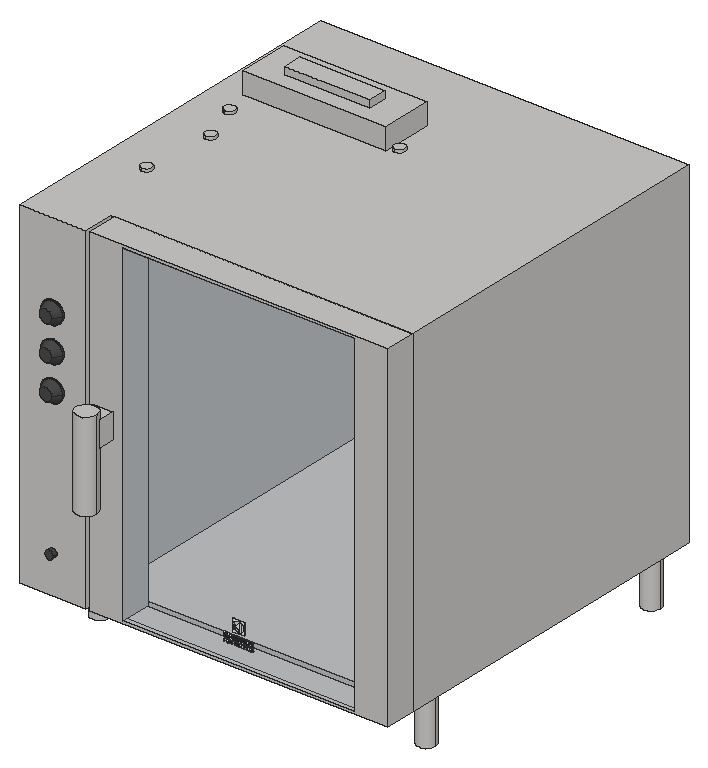
Revit family "QF_ELECTROLUXPROFESSIONAL_260823_EFCL11CSBQ", category Attrezzature speciali, Revit 2018
Family settings
  Quota connettore circolare = Usa diametro
  Tipo di parte = Normale
  Basato su piano di lavoro = No
  Sempre verticale = Sì
  Taglio con vuoti quando caricato = No
  Condiviso = No
  Punto di calcolo locali = No
Parameters (values of type "Standard")
  Weight = 136.00 kg
  Watts = 350 W
  Volts = 220 V
  URL Manufacturer = "https://www.electroluxprofessional.com/"
  URL = "https://www.electroluxprofessional.com/"
  Steam Supply Size = 0 mm
  Steam Supply Minimum Pressure = 0.0 Pa
  Steam Supply Maximum Pressure = 0.0 Pa
  Steam Consumption per Hour = 0
  Show Logo [instance] = yes
  Show Clearance [instance] = yes
  Refrigeration Suction Line Size = 0 mm
  Refrigeration Liquid Line Size = 0 mm
  Refrigerant Compressor Remote = yes
  Produttore = "Electrolux Professional"
  Phase = 1
  Modello = "EFCL11CSBQ"
  Length Actual = 890 mm  # constant formula
  Item Number = "260823"
  Hot Water Size = 0 mm
  Height Actual = 970 mm  # constant formula
  HP = "0.5 HP"
  Gas Size = 12.7 mm
  Gas KW = 18.5
  Gas Input Pressure = 0.102193 W
  Direct Waste Size = 25 mm
  Descrizione = "CONVECTION OVEN CW 10 GN 1/1 - GAS - 60HZ - Q MARK"
  Depth Actual = 900 mm  # constant formula
  Cycle = 60 Hz
  Condensate Return Size = 0 mm
  Compressed Air Volume = 0.0 L/s
  Compressed Air Size = 0 mm
  Compressed Air Pressure = 0.0 Pa
  Cold Water Size = 19.05 mm
  Accessory = yes
Types (2, lengths in mm): name | URL | Produttore | Phase | Modello | Gas Size | Direct Waste Size | Descrizione | Cold Water Size
  (no name) | 0 | 0 | 0 | 0 | 0 | 0 | 0 | 0
  Standard | "https://www.electroluxprofessional.com/" | "Electrolux Professional" | 1 | "EFCL11CSBQ" | 12.7 | 25 | "CONVECTION OVEN CW 10 GN 1/1 - GAS - 60HZ - Q MARK" | 19.05
Values of the unnamed type that differ from the named types
  Weight = 0.00 kg
  Watts = 0 W
  Volts = 0 V
  URL Manufacturer = ""
  Item Number = ""
  HP = ""
  Gas KW = 0
  Gas Input Pressure = 0 W
  Cycle = 0 Hz
Reference planes
  plane 1 "Center X": y = 24.851
  plane 2: z = 0
  plane 3 "Center Y": x = -315
  plane 4 "LEFT": x = -760
  plane 5 "BACK": y = 479.851
  plane 6 "RIGHT": x = 130
  plane 7 "FRONT": y = -430.149
  plane 8: x = -710
  plane 9: y = 421.851
  plane 10: y = -355.149
  plane 11: x = 80
  plane 12: y = -1111.149
  plane 13: z = 130
  plane 14 "Center Z": z = 950
  plane 15: z = 0
Forms (mm)
  Extrusion 1, solid, material "QF_Finishes_Stainless Steel"
    sketch origin (0, 0, 950) x (-1, 0, 0) y (0, -1, 0)
      loop
        line (760, -479.851) -> (760, 430.149) -> (600, 430.149) -> (600, 355.149) -> (-130, 355.149) -> (-130, -479.851) -> (760, -479.851)
    from 0 to -820
  Extrusion 2, solid, material "QF_Finishes_Stainless Steel"
    sketch origin (0, -430.149, -670) x (-1, 0, 0) y (0, 0, 1)
      loop
        line (590, 1620) -> (-130, 1620) -> (-130, 800) -> (590, 800) -> (590, 1620)
      loop
        line (510, 1615) -> (-50, 1615) -> (-50, 805) -> (510, 805) -> (510, 1615)
    from 0 to 75
  Extrusion 3, solid, material "QF_Finishes_Glass"
    sketch origin (0, -430.149, -670) x (-1, 0, 0) y (0, 0, 1)
      loop
        line (-50, 1615) -> (-50, 805) -> (510, 805) -> (510, 1615) -> (-50, 1615)
    from 0 to 9.69
  Extrusion 4, solid, material "QF_Finishes_Stainless Steel"
    sketch origin (-1, -265, 955) x (0, -1, 0) y (-1, 0, 0)
      loop
        circle (-265.851, 643) r 13.25
    from 0 to 5
  Extrusion 5, solid, material "QF_Door-Drawer Clearances", visible <- "Show Clearance", detail levels coarse
    sketch origin (0, 0, 950) x (-1, 0, 0) y (0, -1, 0)
      loop
        arc (590, 430.149) -> (362.228, 910.45) -> (-130, 1111.149) r 734.22
        line (-130, 1111.149) -> (-130, 430.149) -> (590, 430.149)
    from -820 to 0
  Extrusion 6, solid, material "QF_Finishes_Black"
    sketch origin (24, -430.149, -766.676) x (-1, 0, 0) y (0, 0, 1)
      loop
        circle (704, 1512.5) r 26.676
    from 0 to -3
  Blend 7, solid, material "QF_Finishes_Black"
    base sketch origin (-21, -430.149, -766.676) x (1, 0, 0) y (0, 0, 1)
      loop
        circle (-659, 1512.5) r 25
    top sketch origin (-21, -430.149, -766.676) x (1, 0, 0) y (0, 0, 1)
      loop
        circle (-659, 1512.5) r 15
    from 3 to 21.442
  Extrusion 8, solid, material "QF_Finishes_Black"
    sketch origin (24, -430.149, -851.676) x (-1, 0, 0) y (0, 0, 1)
      loop
        circle (704, 1512.5) r 26.676
    from 0 to -3
  Blend 9, solid, material "QF_Finishes_Black"
    base sketch origin (-21, -430.149, -851.676) x (1, 0, 0) y (0, 0, 1)
      loop
        circle (-659, 1512.5) r 25
    top sketch origin (-21, -430.149, -851.676) x (1, 0, 0) y (0, 0, 1)
      loop
        circle (-659, 1512.5) r 15
    from 3 to 21.442
  Extrusion 10, solid, material "QF_Finishes_Black"
    sketch origin (24, -430.149, -936.676) x (-1, 0, 0) y (0, 0, 1)
      loop
        circle (704, 1512.5) r 26.676
    from 0 to -3
  Blend 11, solid, material "QF_Finishes_Black"
    base sketch origin (-21, -430.149, -936.676) x (1, 0, 0) y (0, 0, 1)
      loop
        circle (-659, 1512.5) r 25
    top sketch origin (-21, -430.149, -936.676) x (1, 0, 0) y (0, 0, 1)
      loop
        circle (-659, 1512.5) r 15
    from 3 to 21.442
  Extrusion 12, solid, material "QF_Finishes_Stainless Steel"
    sketch origin (-18, -437, 955) x (0, -1, 0) y (-1, 0, 0)
      loop
        circle (-265.851, 643) r 13.25
    from 0 to 5
  Extrusion 13, solid, material "QF_Finishes_Stainless Steel"
    sketch origin (309, -81, 955) x (0, -1, 0) y (-1, 0, 0)
      loop
        circle (-265.851, 643) r 13.25
    from 0 to 5
  Extrusion 14, solid, material "QF_Finishes_Stainless Steel"
    sketch origin (0, 0, 575) x (-1, 0, 0) y (0, -1, 0)
      loop
        circle (559.299, 480.149) r 25
    from -193.655 to 20
  Extrusion 15, solid, material "QF_Finishes_Stainless Steel"
    sketch origin (0, 0, 575) x (-1, 0, 0) y (0, -1, 0)
      loop
        line (534.299, 480.149) -> (534.299, 430.149) -> (584.299, 430.149) -> (584.299, 480.149)
        arc (584.299, 480.149) -> (559.299, 455.149) -> (534.299, 480.149) r 25
    from -55.026 to 5
  Extrusion 16, solid, material "QF_Finishes_Black"
    sketch origin (25, -480.149, -1017.5) x (-1, 0, 0) y (0, 0, 1)
      loop
        circle (705.941, 1240.523) r 10
    from 40 to 50
  Extrusion 17, solid, material "QF_Finishes_Stainless Steel"
    sketch origin (-34, -166, 955) x (0, -1, 0) y (-1, 0, 0)
      loop
        circle (-265.851, 643) r 13.25
    from 0 to 5
  Extrusion 18, solid, material "QF_Finishes_Stainless Steel"
    sketch origin (-84.755, -13.423, 1620) x (-1, 0, 0) y (0, -1, 0)
      loop
        line (611.245, -302.274) -> (611.245, -178.274) -> (265.245, -178.274) -> (265.245, -302.274) -> (611.245, -302.274)
    from -670 to -619
  Extrusion 19, solid, material "QF_Finishes_Stainless Steel"
    sketch origin (-84.755, -13.423, 1001) x (-1, 0, 0) y (0, -1, 0)
      loop
        line (541.245, -263.274) -> (541.245, -217.274) -> (335.245, -217.274) -> (335.245, -263.274) -> (541.245, -263.274)
    from 0 to 17
  Extrusion 20, void
    sketch origin (-600, -680.149, 1750) x (-1, 0, 0) y (0, 0, 1)
      loop
        line (0, -819.037) -> (-650, -819.037) -> (-650, -1605) -> (0, -1605) -> (0, -819.037)
    from 325 to 1102
Cuts and joins
  Extrusion 20 cuts Extrusion 1
Lines and regions (mm)
  Split face 1
    outline origin (-760, -430.149, 950) x (0, 0, -1) y (1, 0, 0)
      loop
        line (5, 15) -> (815, 15) -> (815, 145) -> (5, 145) -> (5, 15)
  Split face 2
    outline origin (-776.25, -430.149, 941.25) x (0, 0, -1) y (1, 0, 0)
      loop
        line (447.5, 78.5) -> (463.75, 78.5) -> (463.75, 113.5) -> (447.5, 113.5) -> (447.5, 78.5)
  Split face 3
    outline origin (30, -430.149, 135) x (1, 0, 0) y (0, 0, 1)
      loop
        line (-526.223, 92.039) -> (-375, 92.039) -> (-346.716, 120.323) -> (-260, 120.323) -> (-173.284, 120.323) -> (-145, 92.039) -> (6.223, 92.039) -> (6.223, 732.039) -> (-526.223, 732.039) -> (-526.223, 92.039)
  Split face 4
    outline origin (-760, -430.149, 950) x (0, 0, -1) y (1, 0, 0)
      loop
        line (770, 15) -> (770, 145)
  Split face 5
    outline origin (-640, -430.149, 950) x (-1, 0, 0) y (0, 0, -1)
      loop
        line (105, 50) -> (-25, 50)
  symbolic lines
    curve 1: line (-760, -430.149, 1620) -> (-760, 479.851, 1620)
    curve 2: line (-760, 479.851, 1620) -> (130, 479.851, 1620)
    curve 3: line (-600, -355.149, 1620) -> (130, -355.149, 1620)
    curve 4: line (-600, -355.149, 1620) -> (-600, -430.149, 1620)
    curve 5: line (-760, -430.149, 1620) -> (130, -430.149, 1620)
    curve 6: line (-706.676, -433.149, 1620) -> (-653.324, -433.149, 1620)
    curve 7: line (-695, -451.591, 1620) -> (-665, -451.591, 1620)
    curve 8: line (-706.676, -433.149, 1620) -> (-706.676, -430.149, 1620)
    curve 9: line (-653.324, -433.149, 1620) -> (-653.324, -430.149, 1620)
    curve 10: line (-695, -451.591, 1620) -> (-705, -433.149, 1620)
    curve 11: line (-665, -451.591, 1620) -> (-655.006, -433.149, 1620)
    curve 12: line (130, 479.851, 1620) -> (130, -430.149, 1620)
    curve 15: arc (-534.299, -480.149, 1620) -> (-559.299, -455.149, 1620) -> (-584.299, -480.149, 1620) r 25
    curve 16: arc (-584.299, -480.149, 1620) -> (-559.299, -505.149, 1620) -> (-534.299, -480.149, 1620) r 25
    curve 17: line (-534.299, -480.149, 1620) -> (-534.299, -430.149, 1620)
    curve 18: line (-584.299, -430.149, 1620) -> (-584.299, -480.149, 1620)
    curve 19: line (-420, 249.851, 1001) -> (-626, 249.851, 1001)
    curve 20: line (-626, 249.851, 1001) -> (-626, 203.851, 1001)
    curve 21: line (-626, 203.851, 1001) -> (-420, 203.851, 1001)
    curve 22: line (-420, 203.851, 1001) -> (-420, 249.851, 1001)
    curve 23: line (-350, 288.851, 1001) -> (-696, 288.851, 1001)
    curve 24: line (-696, 288.851, 1001) -> (-696, 164.851, 1001)
    curve 25: line (-696, 164.851, 1001) -> (-350, 164.851, 1001)
    curve 26: line (-350, 164.851, 1001) -> (-350, 288.851, 1001)
  symbolic lines, style "QF_Door-Drawer Clearances"
    curve 13: line (130, -1111.149, 1620) -> (130, -430.149, 1620)
    curve 14: arc (-590, -430.149, 1620) -> (-362.228, -910.45, 1620) -> (130, -1111.149, 1620) r 734.22
Dimensions and locks
  equal spacing: plane 4 "LEFT", plane 3 "Center Y", plane 6 "RIGHT"
  plane 4 "LEFT" to plane 6 "RIGHT" = 890 mm
  plane 5 "BACK" to plane 7 "FRONT" = 910 mm
  equal spacing: plane 5 "BACK", plane 1 "Center X", plane 7 "FRONT"
  plane 5 "BACK" to plane 12 = 1591 mm
  plane 13 to plane 15 = 130 mm
  plane 14 "Center Z" to plane 13 = 820 mm
  plane 14 "Center Z" to plane 15 = 950 mm
  aligned and locked: level to plane 2
  aligned and locked: plane 13 to nested 1
  aligned and locked: plane 13 to nested 2
  aligned and locked: plane 13 to nested 4
  aligned and locked: plane 13 to nested 3
  aligned and locked: Extrusion 1 to plane 13
  aligned and locked: Blend 7 to Extrusion 6
  aligned and locked: Blend 9 to Extrusion 8
  aligned and locked: Blend 11 to Extrusion 10
  aligned and locked: Extrusion 18 to plane 14 "Center Z"
Automatic sketch dimensions
  curve 14 to plane 6 "RIGHT" = 0 mm
  curve 17 to plane 7 "FRONT" = 0 mm
  curve 4 to plane 10 = 0 mm
  curve 1 to plane 4 "LEFT" = 0 mm
  curve 1 to plane 5 "BACK" = 0 mm
  curve 13 to plane 12 = 0 mm
  plane 6 "RIGHT" to curve 14 = 12.296 mm
  curve 17 to plane 7 "FRONT" = 50 mm
  plane 8 to curve 17 = 175.701 mm
  curve 15 to curve 16 = 25 mm
  curve 18 to curve 4 = 15.701 mm
  curve 9 to plane 7 "FRONT" = 3 mm
  curve 4 to curve 9 = 53.324 mm
  curve 6 to curve 7 = 11.676 mm
  plane 8 to curve 7 = 15 mm
  plane 8 to curve 8 = 3.324 mm
  curve 14 to plane 10 = 21.883 mm
  curve 10 to curve 10 = 18.442 mm
  curve 6 to curve 11 = 1.682 mm
  curve 10 to curve 6 = 1.676 mm
  Extrusion 1 sketch curve to plane 5 "BACK" = 0 mm
  Extrusion 1 sketch curve to plane 6 "RIGHT" = 0 mm
  Extrusion 1 sketch curve to plane 10 = 0 mm
  Extrusion 1 sketch curve to plane 7 "FRONT" = 0 mm
  Extrusion 1 sketch curve to plane 4 "LEFT" = 0 mm
  plane 8 to Extrusion 1 sketch curve = 110 mm
  Extrusion 2 sketch curve to plane 6 "RIGHT" = 0 mm
  Extrusion 2 sketch curve to plane 13 = 0 mm
  Extrusion 2 sketch curve to plane 14 "Center Z" = 0 mm
  plane 13 to Extrusion 2 sketch curve = 5 mm
  Extrusion 2 sketch curve to plane 11 = 30 mm
  Extrusion 2 sketch curve to plane 14 "Center Z" = 5 mm
  Extrusion 2 sketch curve to plane 3 "Center Y" = 195 mm
  Extrusion 2 sketch curve to Extrusion 2 sketch curve = 80 mm
  plane 13 to Extrusion 3 sketch curve = 5 mm
  Extrusion 3 sketch curve to plane 11 = 30 mm
  Extrusion 3 sketch curve to plane 3 "Center Y" = 195 mm  (x2)
  Extrusion 3 sketch curve to plane 14 "Center Z" = 5 mm
  plane 1 "Center X" to Extrusion 4 sketch curve = 24 mm
  plane 8 to Extrusion 4 sketch curve = 66 mm
  Extrusion 5 sketch curve to plane 6 "RIGHT" = 0 mm
  Extrusion 5 sketch curve to plane 7 "FRONT" = 0 mm
  Extrusion 5 sketch curve to plane 12 = 0 mm
  plane 6 "RIGHT" to Extrusion 5 sketch curve = 12.296 mm
  plane 8 to Extrusion 5 sketch curve = 120 mm
  Split face 1 sketch curve to Extrusion 1 = 5 mm  (x2)
  Split face 1 sketch curve to Extrusion 1 = 15 mm  (x2)
  plane 8 to Extrusion 6 sketch curve = 30 mm
  Extrusion 6 sketch curve to plane 14 "Center Z" = 204.176 mm
  Extrusion 2 to Blend 7 sketch curve = 90 mm  (x2)
  Extrusion 2 to Blend 7 sketch curve = 199.176 mm  (x2)
  plane 8 to Extrusion 8 sketch curve = 30 mm
  Extrusion 8 sketch curve to plane 14 "Center Z" = 289.176 mm
  Extrusion 2 to Blend 9 sketch curve = 90 mm  (x2)
  Extrusion 2 to Blend 9 sketch curve = 284.176 mm  (x2)
  plane 8 to Extrusion 10 sketch curve = 30 mm
  Extrusion 10 sketch curve to plane 14 "Center Z" = 374.176 mm
  Extrusion 2 to Blend 11 sketch curve = 90 mm  (x2)
  Extrusion 2 to Blend 11 sketch curve = 369.176 mm  (x2)
  Split face 2 sketch curve to Extrusion 1 = 62.75 mm
  Split face 2 sketch curve to Extrusion 1 = 363.75 mm
  Split face 2 sketch curve to Split face 2 sketch curve = 16.25 mm
  Split face 2 sketch curve to Split face 2 sketch curve = 35 mm
  plane 8 to Extrusion 12 sketch curve = 49 mm
  plane 10 to Extrusion 12 sketch curve = 184 mm
  Extrusion 13 sketch curve to plane 3 "Center Y" = 19 mm
  Extrusion 13 sketch curve to plane 1 "Center X" = 160 mm
  Extrusion 14 sketch curve to plane 7 "FRONT" = 50 mm
  plane 8 to Extrusion 14 sketch curve = 150.701 mm
  Extrusion 15 sketch curve to plane 7 "FRONT" = 0 mm
  plane 8 to Extrusion 15 sketch curve = 175.701 mm
  Extrusion 15 sketch curve to Extrusion 15 sketch curve = 25 mm
  Extrusion 15 sketch curve to plane 7 "FRONT" = 50 mm
  Split face 3 sketch curve to Extrusion 3 = 13.777 mm  (x2)
  Split face 3 sketch curve to Split face 3 sketch curve = 151.223 mm
  Split face 3 sketch curve to Split face 3 sketch curve = 28.284 mm  (x3)
  Split face 3 sketch curve to Split face 3 sketch curve = 86.716 mm  (x2)
  Split face 3 sketch curve to Extrusion 3 = 92.039 mm  (x2)
  Split face 3 sketch curve to Extrusion 3 = 77.961 mm
  Split face 4 sketch curve to Extrusion 1 = 15 mm  (x2)
  Split face 4 sketch curve to Extrusion 1 = 50 mm
  plane 8 to Extrusion 16 sketch curve = 29.059 mm
  plane 13 to Extrusion 16 sketch curve = 93.023 mm
  Split face 5 sketch curve to Extrusion 1 = 15 mm  (x2)
  Split face 5 sketch curve to Extrusion 1 = 50 mm
  Extrusion 17 sketch curve to plane 1 "Center X" = 75 mm
  plane 8 to Extrusion 17 sketch curve = 33 mm
  Extrusion 18 sketch curve to plane 3 "Center Y" = 35 mm
  plane 8 to Extrusion 18 sketch curve = 14 mm
  Extrusion 18 sketch curve to plane 9 = 133 mm
  Extrusion 18 sketch curve to Extrusion 18 sketch curve = 124 mm
  Extrusion 19 sketch curve to Extrusion 18 = 70 mm  (x2)
  Extrusion 19 sketch curve to Extrusion 18 = 39 mm  (x2)
  curve 22 to Extrusion 18 = 70 mm
  curve 21 to Extrusion 18 = 70 mm
  curve 19 to Extrusion 18 = 39 mm
  curve 21 to Extrusion 18 = 39 mm
  curve 23 to Extrusion 18 = 0 mm  (x2)
  curve 24 to Extrusion 18 = 0 mm
  Extrusion 18 to curve 25 = 0 mm
  Extrusion 20 sketch curve to plane 11 = 30 mm
  plane 13 to Extrusion 20 sketch curve = 15 mm
  plane 8 to Extrusion 20 sketch curve = 110 mm
  Extrusion 20 sketch curve to plane 14 "Center Z" = 19.037 mm
  radius of Extrusion 4 sketch curve = 13.25 mm
  radius of Extrusion 6 sketch curve = 26.676 mm
  radius of Blend 7 sketch curve = 25 mm
  radius of Blend 7 sketch curve = 15 mm
  radius of Extrusion 8 sketch curve = 26.676 mm
  radius of Blend 9 sketch curve = 25 mm
  radius of Blend 9 sketch curve = 15 mm
  radius of Extrusion 10 sketch curve = 26.676 mm
  radius of Blend 11 sketch curve = 25 mm
  radius of Blend 11 sketch curve = 15 mm
  radius of Extrusion 12 sketch curve = 13.25 mm
  radius of Extrusion 13 sketch curve = 13.25 mm
  radius of Extrusion 14 sketch curve = 25 mm
  radius of Extrusion 16 sketch curve = 10 mm
  radius of Extrusion 17 sketch curve = 13.25 mm
Nested families
  nested 1: "Foot" at (-710, -250.149, 0), type "Foot"
    with Ø 22 mm, H 130 mm
  nested 2: "Foot" at (80, -250.149, 0), type "Foot"
    with Ø 22 mm, H 130 mm
  nested 3: "Foot" at (80, 429.851, 0), type "Foot"
    with Ø 22 mm, H 130 mm
  nested 4: "Foot" at (-710, 429.851, 0), type "Foot"
    with Ø 22 mm, H 130 mm
  nested 5: "ELX_Pro_Logo" at (-230, -430.149, 203.512) x (1, 0, 0) z (0, -1, 0), type "ELX_Pro_Logo"
Connectors
  piping at (-334, 184.851, 955), diameter 25, driven by "Direct Waste Size"
    settings: on Extrusion 13, index 6, connector inside diameter 609.6 mm, connector length 0 mm, flow factor 0, pipe flow 0.0 L/s, pressure drop 0.0 Pa, fitting loss kfactor 0, connector angle 0.00°, fixture units 0, engagement length 0 mm, angle of deflection 0.00°, flow configuration 0, flow direction 0, fitting loss method 0, system type 16, joint type 0, gender type 0, connector reference index -1, connector utility 0, adjustable connector no, is connector primary yes, connector description "Drain"
  electrical at (-661, -171.149, 955)
    settings: on Extrusion 12, index 7, voltage 0 V, apparent load 0 VA, apparent load phase1 0 VA, apparent load phase2 0 VA, apparent load phase3 0 VA, power factor 1, load classification "Altro", number of poles 1, system type 30, power factor state 1, is connector primary yes, connector utility no, sub classification motor no, connector description ""
  piping at (-644, 0.851, 955), diameter 19.05, driven by "Cold Water Size"
    settings: on Extrusion 4, index 8, connector inside diameter 609.6 mm, connector length 0 mm, flow factor 0, pipe flow 0.0 L/s, pressure drop 0.0 Pa, fitting loss kfactor 0, connector angle 0.00°, fixture units 0, engagement length 0 mm, angle of deflection 0.00°, flow configuration 0, flow direction 0, fitting loss method 0, system type 20, joint type 0, gender type 0, connector reference index -1, connector utility 0, adjustable connector no, is connector primary no, connector description "Cold Water Inlet"
  piping at (-677, 99.851, 955), diameter 26.4
    settings: on Extrusion 17, index 9, connector inside diameter 609.6 mm, connector length 0 mm, flow factor 0, pipe flow 0.0 L/s, pressure drop 0.0 Pa, fitting loss kfactor 0, connector angle 0.00°, fixture units 0, engagement length 0 mm, angle of deflection 0.00°, flow configuration 0, flow direction 0, fitting loss method 0, system type 22, joint type 0, gender type 0, connector reference index -1, connector utility 0, adjustable connector no, is connector primary no, connector description "Gas"
Definition of nested family "Foot"
  Parameters
    Ø [instance] = 20 mm
    H [instance] = 50 mm
  Reference planes
    plane 1 "Centro (Fronte/Retro)": y = 0
    plane 2: z = 0
    plane 3 "Centro (Sinistra/Destra)": x = 0
    plane 4: z = 50
  Forms (mm)
    Revolve 1, solid
      sketch origin (255.05, 0, 608.09) x (0, 0, 1) y (-1, 0, 0)
        loop
          line (-608.09, 255.05) -> (-608.09, 235.05) -> (-558.09, 235.05) -> (-558.09, 255.05) -> (-608.09, 255.05)
        axis (-608.09, 255.05) -> (-558.09, 255.05)
      angle from 0 to 360
  Dimensions and locks
    "H": plane 4 to plane 2
    "Ø": Revolve 1 sketch curve to Revolve 1 sketch curve
    aligned and locked: level to plane 2
    aligned and locked: plane 4 to Revolve 1 sketch curve
    aligned and locked: Revolve 1 sketch curve to level
    aligned and locked: plane 3 "Centro (Sinistra/Destra)" to Revolve 1 sketch curve
  Automatic sketch dimensions
    Revolve 1 sketch curve to plane 3 "Centro (Sinistra/Destra)" = 0 mm
    Revolve 1 sketch curve to Revolve 1 sketch curve = 50 mm
    Revolve 1 sketch curve to Revolve 1 sketch curve = 20 mm
Definition of nested family "ELX_Pro_Logo"
  Parameters (values of type "ELX_Pro_Logo")
    M = none
    Default Elevation = 0 mm
  Reference planes
    plane 1 "Centro (Fronte/Retro)": y = 0
    plane 2: z = 0
    plane 3 "Centro (Sinistra/Destra)": x = 0
  Forms (mm)
    Extrusion 1, solid
      sketch origin (0, 0, 0) x (1, 0, 0) y (0, 1, 0)
        loop
          line (-1219.2, 1219.2) -> (-1219.2, -1219.2) -> (1219.2, -1219.2) -> (1219.2, 1219.2) -> (-1219.2, 1219.2)
      from 0 to -304.8
    Extrusion 2, solid, material <- "M"
      sketch origin (-144.622, -1081.55, 0) x (-1, 0, 0) y (0, -1, 0)
        loop
          line (-111.329, -1069.559) -> (-111.329, -1071.073) -> (-116.048, -1071.073) -> (-116.048, -1072.896) -> (-111.328, -1072.896) -> (-111.328, -1075.549) -> (-116.349, -1075.549) -> (-116.349, -1077.368) -> (-109.396, -1077.368) -> (-109.396, -1073.46) -> (-109.396, -1069.659)
          arc (-109.396, -1069.659) -> (-110.425, -1067.175) -> (-112.909, -1066.146) r 3.513
          line (-112.909, -1066.146) -> (-116.483, -1066.146) -> (-116.483, -1067.963) -> (-112.925, -1067.963)
          arc (-112.925, -1067.963) -> (-111.797, -1068.431) -> (-111.329, -1069.559) r 1.596
        loop
          line (-119.79, -1077.358) -> (-117.856, -1077.358) -> (-117.856, -1072.053) -> (-117.856, -1066.132) -> (-119.79, -1066.132) -> (-119.79, -1072.092) -> (-119.79, -1077.358)
        loop
          line (-122.986, -1069.718) -> (-129.327, -1069.718)
          arc (-129.327, -1069.718) -> (-129.219, -1071.449) -> (-128.497, -1073.026) r 4.757
          arc (-128.497, -1073.026) -> (-125.237, -1074.5) -> (-121.978, -1073.026) r 4.34
          arc (-121.978, -1073.026) -> (-121.072, -1070.207) -> (-121.978, -1067.388) r 4.838
          arc (-121.978, -1067.388) -> (-125.393, -1065.933) -> (-128.809, -1067.388) r 4.737
          line (-128.809, -1067.388) -> (-127.645, -1068.52)
          arc (-127.645, -1068.52) -> (-125.509, -1067.576) -> (-123.374, -1068.52) r 2.888
          arc (-123.374, -1068.52) -> (-123.05, -1069.077) -> (-122.986, -1069.718) r 1.527
        loop
          arc (-127.386, -1071.076) -> (-126.67, -1072.331) -> (-125.331, -1072.872) r 2.201
          arc (-125.331, -1072.872) -> (-123.848, -1072.402) -> (-123.033, -1071.076) r 2.23
          line (-123.033, -1071.076) -> (-127.386, -1071.076)
        loop
          line (-136.862, -1071.886) -> (-138.059, -1073.132)
          arc (-138.059, -1073.132) -> (-130.327, -1070.219) -> (-138.059, -1067.306) r 4.415
          line (-138.059, -1067.306) -> (-136.862, -1068.553)
          arc (-136.862, -1068.553) -> (-132.252, -1070.22) -> (-136.862, -1071.886) r 2.606
        loop
          line (-141.192, -1069.673) -> (-141.192, -1072.494) -> (-142.951, -1072.494) -> (-142.951, -1074.25) -> (-141.195, -1074.25) -> (-141.195, -1077.358) -> (-139.262, -1077.358) -> (-139.262, -1073.332) -> (-139.262, -1069.514)
          arc (-139.262, -1069.514) -> (-140.299, -1066.92) -> (-142.98, -1066.132) r 3.196
          line (-142.98, -1066.132) -> (-142.987, -1067.949)
          arc (-142.987, -1067.949) -> (-141.652, -1068.356) -> (-141.192, -1069.673) r 1.542
        loop
          line (-146.494, -1073.042) -> (-146.494, -1074.25) -> (-144.576, -1074.25) -> (-144.576, -1070.271) -> (-144.576, -1066.132) -> (-146.494, -1066.132) -> (-146.494, -1070.401)
          arc (-146.494, -1070.401) -> (-147.446, -1072.228) -> (-149.489, -1072.494) r 2.229
          line (-149.489, -1072.494) -> (-149.489, -1074.362)
          arc (-149.489, -1074.362) -> (-147.761, -1074.226) -> (-146.494, -1073.042) r 2.627
        loop
          line (-159.833, -1072.246) -> (-159.833, -1066.131) -> (-161.767, -1066.131) -> (-161.767, -1072.17) -> (-161.767, -1077.359) -> (-159.833, -1077.359) -> (-159.833, -1072.246)
        loop
          line (-165.194, -1069.514) -> (-165.194, -1074.25) -> (-163.245, -1074.25) -> (-163.245, -1071.898) -> (-163.245, -1069.098)
          arc (-163.245, -1069.098) -> (-166.96, -1065.769) -> (-170.687, -1069.085) r 3.745
          line (-170.687, -1069.085) -> (-170.687, -1071.898) -> (-170.687, -1074.25) -> (-168.739, -1074.25) -> (-168.739, -1069.514)
          arc (-168.739, -1069.514) -> (-166.967, -1067.742) -> (-165.194, -1069.514) r 1.772
        loop
          line (-174.654, -1070.416) -> (-172.975, -1068.078) -> (-171.578, -1066.131) -> (-173.656, -1066.131) -> (-175.717, -1068.999) -> (-177.779, -1066.131) -> (-179.857, -1066.131) -> (-178, -1068.728) -> (-176.781, -1070.433) -> (-178.29, -1072.488) -> (-179.583, -1074.25) -> (-177.473, -1074.25) -> (-175.717, -1071.818) -> (-173.945, -1074.25) -> (-171.852, -1074.25) -> (-173.052, -1072.608) -> (-174.654, -1070.416)
        loop
          circle (-154.223, -1070.188) r 2.508
        loop
          circle (-154.223, -1070.188) r 4.42
        loop
          line (-110.224, -1058.542) -> (-111.194, -1058.542)
          arc (-111.194, -1058.542) -> (-112.217, -1059.95) -> (-110.924, -1061.114) r 1.3
          line (-110.924, -1061.114) -> (-109.424, -1061.114) -> (-109.424, -1057.223) -> (-110.224, -1057.223) -> (-110.224, -1058.542)
        loop
          line (-110.224, -1060.379) -> (-110.224, -1059.293) -> (-111.03, -1059.293)
          arc (-111.03, -1059.293) -> (-111.43, -1059.836) -> (-111.03, -1060.379) r 0.569
          line (-111.03, -1060.379) -> (-110.224, -1060.379)
        loop
          line (-116.302, -1058.564) -> (-117.128, -1058.564) -> (-117.934, -1057.223) -> (-118.841, -1057.223) -> (-117.833, -1058.884)
          arc (-117.833, -1058.884) -> (-118.214, -1060.282) -> (-117.028, -1061.114) r 1.26
          line (-117.028, -1061.114) -> (-115.503, -1061.114) -> (-115.503, -1057.223) -> (-116.302, -1057.223) -> (-116.302, -1058.564)
        loop
          line (-116.302, -1060.379) -> (-116.302, -1059.293) -> (-117.109, -1059.293)
          arc (-117.109, -1059.293) -> (-117.508, -1059.836) -> (-117.109, -1060.379) r 0.569
          line (-117.109, -1060.379) -> (-116.302, -1060.379)
        loop
          line (-128.923, -1057.223) -> (-129.723, -1057.223) -> (-129.723, -1058.714) -> (-131.187, -1058.714) -> (-131.187, -1059.514) -> (-129.723, -1059.514) -> (-129.723, -1060.314) -> (-131.327, -1060.314) -> (-131.327, -1061.114) -> (-128.923, -1061.114) -> (-128.923, -1057.223)
        loop
          arc (-134.628, -1058.469) -> (-134.992, -1057.588) -> (-135.874, -1057.223) r 1.246
          line (-135.874, -1057.223) -> (-137.13, -1057.223) -> (-137.13, -1058.023) -> (-135.969, -1058.023)
          arc (-135.969, -1058.023) -> (-135.53, -1058.237) -> (-135.427, -1058.714) r 0.558
          line (-135.427, -1058.714) -> (-136.984, -1058.714) -> (-136.984, -1059.514) -> (-135.427, -1059.514) -> (-135.427, -1060.314) -> (-137.092, -1060.314) -> (-137.092, -1061.114) -> (-134.628, -1061.114) -> (-134.628, -1058.469)
        loop
          line (-152.3, -1057.223) -> (-153.1, -1057.223) -> (-153.1, -1061.114) -> (-152.3, -1061.114) -> (-152.3, -1057.223)
        loop
          line (-164.67, -1057.223) -> (-164.67, -1059.67) -> (-166.45, -1057.223) -> (-167.25, -1057.223) -> (-167.25, -1061.114) -> (-166.42, -1061.114) -> (-166.42, -1058.594) -> (-164.64, -1061.114) -> (-163.84, -1061.114) -> (-163.84, -1057.223) -> (-164.67, -1057.223)
        loop
          line (-170.403, -1057.223) -> (-171.262, -1057.223) -> (-171.641, -1058.063) -> (-173.08, -1058.063) -> (-173.459, -1057.223) -> (-174.317, -1057.223) -> (-172.796, -1061.113) -> (-171.996, -1061.113) -> (-170.403, -1057.223)
        loop
          line (-177.493, -1057.223) -> (-179.789, -1057.223) -> (-179.789, -1058.023) -> (-178.293, -1058.023) -> (-178.293, -1061.114) -> (-177.493, -1061.114) -> (-177.493, -1057.223)
        loop
          line (-172.362, -1059.848) -> (-171.945, -1058.83) -> (-172.76, -1058.83) -> (-172.362, -1059.848)
        loop
          circle (-158.484, -1059.145) r 1.288
        loop
          circle (-158.484, -1059.145) r 2.065
        loop
          arc (-146.04, -1058.095) -> (-146.933, -1057.275) -> (-148.145, -1057.245) r 1.725
          arc (-148.145, -1057.245) -> (-148.965, -1058.02) -> (-148.68, -1059.111) r 1.107
          arc (-148.68, -1059.111) -> (-148.103, -1059.465) -> (-147.486, -1059.746) r 5.523
          arc (-147.486, -1059.746) -> (-147.147, -1060.262) -> (-147.708, -1060.52) r 0.407
          arc (-147.708, -1060.52) -> (-148.045, -1060.315) -> (-148.325, -1060.038) r 1.702
          line (-148.325, -1060.038) -> (-149.011, -1060.45)
          arc (-149.011, -1060.45) -> (-148.578, -1060.911) -> (-148.043, -1061.247) r 2.463
          arc (-148.043, -1061.247) -> (-146.373, -1060.466) -> (-147.42, -1058.949) r 1.207
          spline (-147.42, -1058.949) -> (-147.716, -1058.809) -> (-147.932, -1058.678) -> (-148.077, -1058.557) -> (-148.163, -1058.446) -> (-148.198, -1058.347) -> (-148.192, -1058.258) -> (-148.157, -1058.182) -> (-148.102, -1058.118) -> (-148.037, -1058.068) -> (-147.972, -1058.031) -> (-147.917, -1058.008) -> (-147.883, -1058)
          arc (-147.883, -1058) -> (-147.238, -1058.014) -> (-146.759, -1058.446) r 0.925
          line (-146.759, -1058.446) -> (-146.04, -1058.095)
        loop
          arc (-140.18, -1058.095) -> (-141.073, -1057.275) -> (-142.285, -1057.245) r 1.725
          arc (-142.285, -1057.245) -> (-143.106, -1058.02) -> (-142.821, -1059.111) r 1.107
          arc (-142.821, -1059.111) -> (-142.243, -1059.465) -> (-141.627, -1059.746) r 5.523
          arc (-141.627, -1059.746) -> (-141.287, -1060.262) -> (-141.849, -1060.52) r 0.407
          arc (-141.849, -1060.52) -> (-142.185, -1060.315) -> (-142.466, -1060.038) r 1.702
          line (-142.466, -1060.038) -> (-143.151, -1060.45)
          arc (-143.151, -1060.45) -> (-142.719, -1060.911) -> (-142.183, -1061.247) r 2.463
          arc (-142.183, -1061.247) -> (-140.513, -1060.466) -> (-141.56, -1058.949) r 1.207
          spline (-141.56, -1058.949) -> (-141.856, -1058.809) -> (-142.072, -1058.678) -> (-142.218, -1058.557) -> (-142.303, -1058.446) -> (-142.338, -1058.347) -> (-142.333, -1058.258) -> (-142.298, -1058.182) -> (-142.242, -1058.118) -> (-142.177, -1058.068) -> (-142.112, -1058.031) -> (-142.057, -1058.008) -> (-142.023, -1058)
          arc (-142.023, -1058) -> (-141.378, -1058.014) -> (-140.9, -1058.446) r 0.925
          line (-140.9, -1058.446) -> (-140.18, -1058.095)
        loop
          circle (-123.484, -1059.145) r 1.288
        loop
          circle (-123.484, -1059.145) r 2.065
        loop
          line (-130.225, -1113.361) -> (-130.225, -1084.645) -> (-158.979, -1084.645) -> (-158.979, -1113.361) -> (-130.225, -1113.361)
        loop
          arc (-148.442, -1086.055) -> (-157.992, -1098.973) -> (-148.442, -1111.892) r 13.512
          line (-148.442, -1111.892) -> (-148.442, -1086.055)
        loop
          line (-147.127, -1086.055) -> (-147.127, -1087.926)
          arc (-147.127, -1087.926) -> (-143.116, -1095.125) -> (-135.48, -1098.224) r 12.412
          line (-135.48, -1098.224) -> (-131.205, -1098.224)
          arc (-131.205, -1098.224) -> (-136.382, -1088.497) -> (-147.127, -1086.055) r 13.242
        loop
          line (-147.127, -1110.021) -> (-147.127, -1112.224)
          arc (-147.127, -1112.224) -> (-136.374, -1109.53) -> (-131.205, -1099.722) r 13.588
          line (-131.205, -1099.722) -> (-135.48, -1099.722)
          arc (-135.48, -1099.722) -> (-143.116, -1102.822) -> (-147.127, -1110.021) r 12.412
      from 0 to 1.6
  Lines and regions (mm)
    symbolic lines
      curve 1: line (-14.357, 31.811, 0) -> (14.357, 31.811, 0)
      curve 2: line (-14.357, 3.095, 0) -> (-14.357, 31.811, 0)
      curve 3: line (14.357, 3.095, 0) -> (-14.357, 3.095, 0)
      curve 4: line (14.357, 31.811, 0) -> (14.357, 3.095, 0)
      curve 5: line (-8.32, 7.722, 0) -> (-9.387, 8.738, 0)
      curve 6: line (-9.387, 8.738, 0) -> (-10.331, 9.866, 0)
      curve 7: line (-10.331, 9.866, 0) -> (-11.141, 11.095, 0)
      curve 8: line (-11.141, 11.095, 0) -> (-11.805, 12.411, 0)
      curve 9: line (-11.805, 12.411, 0) -> (-12.31, 13.803, 0)
      curve 10: line (-12.31, 13.803, 0) -> (-12.646, 15.26, 0)
      curve 11: line (-12.646, 15.26, 0) -> (-12.8, 16.77, 0)
      curve 12: line (-12.8, 16.77, 0) -> (-10.081, 16.77, 0)
      curve 13: line (-10.081, 16.77, 0) -> (-8.466, 16.661, 0)
      curve 14: line (-8.466, 16.661, 0) -> (-6.88, 16.344, 0)
      curve 15: line (-6.88, 16.344, 0) -> (-5.345, 15.833, 0)
      curve 16: line (-5.345, 15.833, 0) -> (-3.882, 15.143, 0)
      curve 17: line (-3.882, 15.143, 0) -> (-2.511, 14.288, 0)
      curve 18: line (-2.511, 14.288, 0) -> (-1.255, 13.283, 0)
      curve 19: line (-1.255, 13.283, 0) -> (-0.135, 12.143, 0)
      curve 20: line (-0.135, 12.143, 0) -> (0.83, 10.882, 0)
      curve 21: line (0.83, 10.882, 0) -> (1.616, 9.515, 0)
      curve 22: arc (1.616, 9.515, 0) -> (2.419, 7.28, 0) -> (2.7, 4.923, 0) r 10.532
      curve 23: arc (2.7, 4.923, 0) -> (1.362, 4.715, 0) -> (0.011, 4.633, 0) r 14.39
      curve 24: line (0.011, 4.633, 0) -> (-1.56, 4.731, 0)
      curve 25: line (-1.56, 4.731, 0) -> (-3.062, 5.011, 0)
      curve 26: line (-3.062, 5.011, 0) -> (-4.502, 5.462, 0)
      curve 27: line (-4.502, 5.462, 0) -> (-5.866, 6.072, 0)
      curve 28: line (-5.866, 6.072, 0) -> (-7.142, 6.829, 0)
      curve 29: line (-7.142, 6.829, 0) -> (-8.32, 7.722, 0)
      curve 30: line (-10.802, 24.24, 0) -> (-9.872, 25.531, 0)
      curve 31: line (-9.872, 25.531, 0) -> (-8.796, 26.699, 0)
      curve 32: line (-8.796, 26.699, 0) -> (-7.587, 27.728, 0)
      curve 33: line (-7.587, 27.728, 0) -> (-6.258, 28.602, 0)
      curve 34: line (-6.258, 28.602, 0) -> (-4.823, 29.309, 0)
      curve 35: line (-4.823, 29.309, 0) -> (-3.293, 29.832, 0)
      curve 36: line (-3.293, 29.832, 0) -> (-1.683, 30.156, 0)
      curve 37: arc (-1.683, 30.156, 0) -> (0.517, 30.256, 0) -> (2.702, 29.984, 0) r 13.008
      curve 38: arc (2.702, 29.984, 0) -> (2.453, 27.616, 0) -> (1.617, 25.387, 0) r 9.395
      curve 39: line (1.617, 25.387, 0) -> (0.83, 24.018, 0)
      curve 40: line (0.83, 24.018, 0) -> (-0.134, 22.756, 0)
      curve 41: line (-0.134, 22.756, 0) -> (-1.255, 21.615, 0)
      curve 42: line (-1.255, 21.615, 0) -> (-2.512, 20.609, 0)
      curve 43: line (-2.512, 20.609, 0) -> (-3.882, 19.754, 0)
      curve 44: line (-3.882, 19.754, 0) -> (-5.346, 19.063, 0)
      curve 45: line (-5.346, 19.063, 0) -> (-6.881, 18.551, 0)
      curve 46: line (-6.881, 18.551, 0) -> (-8.467, 18.234, 0)
      curve 47: line (-8.467, 18.234, 0) -> (-10.083, 18.125, 0)
      curve 48: line (-10.083, 18.125, 0) -> (-12.798, 18.125, 0)
      curve 49: line (-12.798, 18.125, 0) -> (-12.584, 19.768, 0)
      curve 50: line (-12.584, 19.768, 0) -> (-12.171, 21.343, 0)
      curve 51: line (-12.171, 21.343, 0) -> (-11.572, 22.839, 0)
      curve 52: line (-11.572, 22.839, 0) -> (-10.802, 24.24, 0)
      curve 53: line (4.048, 5.294, 0) -> (4.048, 29.617, 0)
      curve 54: line (4.048, 29.617, 0) -> (5.525, 29.026, 0)
      curve 55: line (5.525, 29.026, 0) -> (6.905, 28.26, 0)
      curve 56: line (6.905, 28.26, 0) -> (8.174, 27.332, 0)
      curve 57: line (8.174, 27.332, 0) -> (9.318, 26.256, 0)
      curve 58: line (9.318, 26.256, 0) -> (10.323, 25.046, 0)
      curve 59: line (10.323, 25.046, 0) -> (11.177, 23.715, 0)
      curve 60: line (11.177, 23.715, 0) -> (11.865, 22.277, 0)
      curve 61: line (11.865, 22.277, 0) -> (12.375, 20.746, 0)
      curve 62: line (12.375, 20.746, 0) -> (12.693, 19.135, 0)
      curve 63: line (12.693, 19.135, 0) -> (12.804, 17.459, 0)
      curve 64: line (12.804, 17.459, 0) -> (12.702, 15.807, 0)
      curve 65: line (12.702, 15.807, 0) -> (12.396, 14.216, 0)
      curve 66: line (12.396, 14.216, 0) -> (11.897, 12.7, 0)
      curve 67: line (11.897, 12.7, 0) -> (11.218, 11.271, 0)
      curve 68: line (11.218, 11.271, 0) -> (10.372, 9.944, 0)
      curve 69: line (10.372, 9.944, 0) -> (9.37, 8.731, 0)
      curve 70: line (9.37, 8.731, 0) -> (8.224, 7.646, 0)
      curve 71: line (8.224, 7.646, 0) -> (6.947, 6.703, 0)
      curve 72: line (6.947, 6.703, 0) -> (5.551, 5.914, 0)
      curve 73: line (5.551, 5.914, 0) -> (4.048, 5.294, 0)
      curve 74: line (-35.227, -8.09, 0) -> (-35.227, -11.891, 0)
      curve 75: arc (-35.227, -11.891, 0) -> (-34.198, -14.375, 0) -> (-31.714, -15.404, 0) r 3.513
      curve 76: line (-31.714, -15.404, 0) -> (-28.139, -15.404, 0)
      curve 77: line (-28.139, -15.404, 0) -> (-28.139, -13.587, 0)
      curve 78: line (-28.139, -13.587, 0) -> (-31.697, -13.587, 0)
      curve 79: arc (-31.697, -13.587, 0) -> (-32.826, -13.119, 0) -> (-33.293, -11.991, 0) r 1.596
      curve 80: line (-33.293, -11.991, 0) -> (-33.293, -10.477, 0)
      curve 81: line (-33.293, -10.477, 0) -> (-28.574, -10.477, 0)
      curve 82: line (-28.574, -10.477, 0) -> (-28.574, -8.654, 0)
      curve 83: line (-28.574, -8.654, 0) -> (-33.294, -8.654, 0)
      curve 84: line (-33.294, -8.654, 0) -> (-33.294, -6.001, 0)
      curve 85: line (-33.294, -6.001, 0) -> (-28.273, -6.001, 0)
      curve 86: line (-28.273, -6.001, 0) -> (-28.273, -4.182, 0)
      curve 87: line (-28.273, -4.182, 0) -> (-35.227, -4.182, 0)
      curve 88: line (-35.227, -4.182, 0) -> (-35.227, -8.09, 0)
      curve 89: line (-24.833, -9.458, 0) -> (-24.833, -4.192, 0)
      curve 90: line (-24.833, -4.192, 0) -> (-26.766, -4.192, 0)
      curve 91: line (-26.766, -4.192, 0) -> (-26.766, -9.497, 0)
      curve 92: line (-26.766, -9.497, 0) -> (-26.766, -15.418, 0)
      curve 93: line (-26.766, -15.418, 0) -> (-24.833, -15.418, 0)
      curve 94: line (-24.833, -15.418, 0) -> (-24.833, -9.458, 0)
      curve 95: arc (-16.125, -8.524, 0) -> (-19.385, -7.05, 0) -> (-22.645, -8.524, 0) r 4.34
      curve 96: arc (-22.645, -8.524, 0) -> (-23.551, -11.343, 0) -> (-22.645, -14.162, 0) r 4.838
      curve 97: arc (-22.645, -14.162, 0) -> (-19.229, -15.617, 0) -> (-15.813, -14.162, 0) r 4.737
      curve 98: line (-15.813, -14.162, 0) -> (-16.978, -13.03, 0)
      curve 99: arc (-16.978, -13.03, 0) -> (-19.113, -13.974, 0) -> (-21.249, -13.03, 0) r 2.888
      curve 100: arc (-21.249, -13.03, 0) -> (-21.572, -12.473, 0) -> (-21.637, -11.832, 0) r 1.527
      curve 101: line (-21.637, -11.832, 0) -> (-15.295, -11.832, 0)
      curve 102: arc (-15.295, -11.832, 0) -> (-15.404, -10.101, 0) -> (-16.125, -8.524, 0) r 4.757
      curve 103: line (-17.236, -10.474, 0) -> (-21.589, -10.474, 0)
      curve 104: arc (-21.589, -10.474, 0) -> (-20.774, -9.148, 0) -> (-19.291, -8.678, 0) r 2.23
      curve 105: arc (-19.291, -8.678, 0) -> (-17.952, -9.219, 0) -> (-17.236, -10.474, 0) r 2.201
      curve 106: arc (-6.563, -8.418, 0) -> (-14.295, -11.331, 0) -> (-6.563, -14.244, 0) r 4.415
      curve 107: line (-6.563, -14.244, 0) -> (-7.761, -12.997, 0)
      curve 108: arc (-7.761, -12.997, 0) -> (-12.371, -11.33, 0) -> (-7.761, -9.664, 0) r 2.606
      curve 109: line (-7.761, -9.664, 0) -> (-6.563, -8.418, 0)
      curve 110: line (-5.361, -4.192, 0) -> (-5.361, -8.218, 0)
      curve 111: line (-5.361, -8.218, 0) -> (-5.361, -12.036, 0)
      curve 112: arc (-5.361, -12.036, 0) -> (-4.323, -14.63, 0) -> (-1.642, -15.418, 0) r 3.196
      curve 113: line (-1.642, -15.418, 0) -> (-1.636, -13.601, 0)
      curve 114: arc (-1.636, -13.601, 0) -> (-2.97, -13.194, 0) -> (-3.43, -11.877, 0) r 1.542
      curve 115: line (-3.43, -11.877, 0) -> (-3.43, -9.056, 0)
      curve 116: line (-3.43, -9.056, 0) -> (-1.672, -9.056, 0)
      curve 117: line (-1.672, -9.056, 0) -> (-1.672, -7.299, 0)
      curve 118: line (-1.672, -7.299, 0) -> (-3.427, -7.299, 0)
      curve 119: line (-3.427, -7.299, 0) -> (-3.427, -4.192, 0)
      curve 120: line (-3.427, -4.192, 0) -> (-5.361, -4.192, 0)
      curve 121: line (1.872, -7.3, 0) -> (-0.046, -7.3, 0)
      curve 122: line (-0.046, -7.3, 0) -> (-0.046, -11.279, 0)
      curve 123: line (-0.046, -11.279, 0) -> (-0.046, -15.418, 0)
      curve 124: line (-0.046, -15.418, 0) -> (1.872, -15.418, 0)
      curve 125: line (1.872, -15.418, 0) -> (1.872, -11.149, 0)
      curve 126: arc (1.872, -11.149, 0) -> (2.824, -9.322, 0) -> (4.867, -9.056, 0) r 2.229
      curve 127: line (4.867, -9.056, 0) -> (4.867, -7.188, 0)
      curve 128: arc (4.867, -7.188, 0) -> (3.138, -7.324, 0) -> (1.872, -8.508, 0) r 2.627
      curve 129: line (1.872, -8.508, 0) -> (1.872, -7.3, 0)
      curve 130: arc (7.092, -11.362, 0) -> (9.601, -8.854, 0) -> (12.109, -11.362, 0) r 2.508
      curve 131: arc (12.109, -11.362, 0) -> (9.601, -13.871, 0) -> (7.092, -11.362, 0) r 2.508
      curve 132: arc (5.18, -11.362, 0) -> (9.601, -15.783, 0) -> (14.021, -11.362, 0) r 4.42
      curve 133: arc (14.021, -11.362, 0) -> (9.601, -6.942, 0) -> (5.18, -11.362, 0) r 4.42
      curve 134: line (15.211, -4.191, 0) -> (15.211, -9.304, 0)
      curve 135: line (15.211, -9.304, 0) -> (15.211, -15.419, 0)
      curve 136: line (15.211, -15.419, 0) -> (17.145, -15.419, 0)
      curve 137: line (17.145, -15.419, 0) -> (17.145, -9.38, 0)
      curve 138: line (17.145, -9.38, 0) -> (17.145, -4.191, 0)
      curve 139: line (17.145, -4.191, 0) -> (15.211, -4.191, 0)
      curve 140: line (18.622, -7.299, 0) -> (18.622, -9.652, 0)
      curve 141: line (18.622, -9.652, 0) -> (18.622, -12.452, 0)
      curve 142: arc (18.622, -12.452, 0) -> (22.338, -15.781, 0) -> (26.064, -12.465, 0) r 3.745
      curve 143: line (26.064, -12.465, 0) -> (26.064, -9.652, 0)
      curve 144: line (26.064, -9.652, 0) -> (26.064, -7.299, 0)
      curve 145: line (26.064, -7.299, 0) -> (24.116, -7.299, 0)
      curve 146: line (24.116, -7.299, 0) -> (24.116, -12.036, 0)
      curve 147: arc (24.116, -12.036, 0) -> (22.344, -13.808, 0) -> (20.572, -12.036, 0) r 1.772
      curve 148: line (20.572, -12.036, 0) -> (20.572, -7.299, 0)
      curve 149: line (20.572, -7.299, 0) -> (18.622, -7.299, 0)
      curve 150: line (28.43, -8.942, 0) -> (30.032, -11.134, 0)
      curve 151: line (30.032, -11.134, 0) -> (28.353, -13.472, 0)
      curve 152: line (28.353, -13.472, 0) -> (26.955, -15.419, 0)
      curve 153: line (26.955, -15.419, 0) -> (29.033, -15.419, 0)
      curve 154: line (29.033, -15.419, 0) -> (31.095, -12.551, 0)
      curve 155: line (31.095, -12.551, 0) -> (33.156, -15.419, 0)
      curve 156: line (33.156, -15.419, 0) -> (35.234, -15.419, 0)
      curve 157: line (35.234, -15.419, 0) -> (33.378, -12.822, 0)
      curve 158: line (33.378, -12.822, 0) -> (32.158, -11.117, 0)
      curve 159: line (32.158, -11.117, 0) -> (33.668, -9.062, 0)
      curve 160: line (33.668, -9.062, 0) -> (34.961, -7.3, 0)
      curve 161: line (34.961, -7.3, 0) -> (32.851, -7.3, 0)
      curve 162: line (32.851, -7.3, 0) -> (31.095, -9.732, 0)
      curve 163: line (31.095, -9.732, 0) -> (29.323, -7.3, 0)
      curve 164: line (29.323, -7.3, 0) -> (27.23, -7.3, 0)
      curve 165: line (27.23, -7.3, 0) -> (28.43, -8.942, 0)
      curve 166: line (-35.198, -20.436, 0) -> (-35.198, -24.327, 0)
      curve 167: line (-35.198, -24.327, 0) -> (-34.398, -24.327, 0)
      curve 168: line (-34.398, -24.327, 0) -> (-34.398, -23.008, 0)
      curve 169: line (-34.398, -23.008, 0) -> (-33.428, -23.008, 0)
      curve 170: arc (-33.428, -23.008, 0) -> (-32.405, -21.6, 0) -> (-33.699, -20.436, 0) r 1.3
      curve 171: line (-33.699, -20.436, 0) -> (-35.198, -20.436, 0)
      curve 172: line (-34.398, -22.257, 0) -> (-34.398, -21.171, 0)
      curve 173: line (-34.398, -21.171, 0) -> (-33.592, -21.171, 0)
      curve 174: arc (-33.592, -21.171, 0) -> (-33.192, -21.714, 0) -> (-33.592, -22.257, 0) r 0.569
      curve 175: line (-33.592, -22.257, 0) -> (-34.398, -22.257, 0)
      curve 176: line (-29.12, -20.436, 0) -> (-29.12, -24.327, 0)
      curve 177: line (-29.12, -24.327, 0) -> (-28.32, -24.327, 0)
      curve 178: line (-28.32, -24.327, 0) -> (-28.32, -22.986, 0)
      curve 179: line (-28.32, -22.986, 0) -> (-27.494, -22.986, 0)
      curve 180: line (-27.494, -22.986, 0) -> (-26.688, -24.327, 0)
      curve 181: line (-26.688, -24.327, 0) -> (-25.781, -24.327, 0)
      curve 182: line (-25.781, -24.327, 0) -> (-26.789, -22.666, 0)
      curve 183: arc (-26.789, -22.666, 0) -> (-26.409, -21.268, 0) -> (-27.594, -20.436, 0) r 1.26
      curve 184: line (-27.594, -20.436, 0) -> (-29.12, -20.436, 0)
      curve 185: line (-28.32, -22.257, 0) -> (-28.32, -21.171, 0)
      curve 186: line (-28.32, -21.171, 0) -> (-27.514, -21.171, 0)
      curve 187: arc (-27.514, -21.171, 0) -> (-27.114, -21.714, 0) -> (-27.514, -22.257, 0) r 0.569
      curve 188: line (-27.514, -22.257, 0) -> (-28.32, -22.257, 0)
      curve 189: arc (-22.427, -22.405, 0) -> (-21.138, -21.117, 0) -> (-19.85, -22.405, 0) r 1.288
      curve 190: arc (-19.85, -22.405, 0) -> (-21.138, -23.694, 0) -> (-22.427, -22.405, 0) r 1.288
      curve 191: arc (-23.203, -22.405, 0) -> (-21.138, -24.47, 0) -> (-19.074, -22.405, 0) r 2.065
      curve 192: arc (-19.074, -22.405, 0) -> (-21.138, -20.34, 0) -> (-23.203, -22.405, 0) r 2.065
      curve 193: line (-15.7, -20.436, 0) -> (-15.7, -24.327, 0)
      curve 194: line (-15.7, -24.327, 0) -> (-14.9, -24.327, 0)
      curve 195: line (-14.9, -24.327, 0) -> (-14.9, -22.836, 0)
      curve 196: line (-14.9, -22.836, 0) -> (-13.436, -22.836, 0)
      curve 197: line (-13.436, -22.836, 0) -> (-13.436, -22.036, 0)
      curve 198: line (-13.436, -22.036, 0) -> (-14.9, -22.036, 0)
      curve 199: line (-14.9, -22.036, 0) -> (-14.9, -21.236, 0)
      curve 200: line (-14.9, -21.236, 0) -> (-13.295, -21.236, 0)
      curve 201: line (-13.295, -21.236, 0) -> (-13.295, -20.436, 0)
      curve 202: line (-13.295, -20.436, 0) -> (-15.7, -20.436, 0)
      curve 203: line (-9.995, -20.436, 0) -> (-9.995, -23.081, 0)
      curve 204: arc (-9.995, -23.081, 0) -> (-9.63, -23.962, 0) -> (-8.749, -24.327, 0) r 1.246
      curve 205: line (-8.749, -24.327, 0) -> (-7.492, -24.327, 0)
      curve 206: line (-7.492, -24.327, 0) -> (-7.492, -23.527, 0)
      curve 207: line (-7.492, -23.527, 0) -> (-8.653, -23.527, 0)
      curve 208: arc (-8.653, -23.527, 0) -> (-9.092, -23.313, 0) -> (-9.195, -22.836, 0) r 0.558
      curve 209: line (-9.195, -22.836, 0) -> (-7.639, -22.836, 0)
      curve 210: line (-7.639, -22.836, 0) -> (-7.639, -22.036, 0)
      curve 211: line (-7.639, -22.036, 0) -> (-9.195, -22.036, 0)
      curve 212: line (-9.195, -22.036, 0) -> (-9.195, -21.236, 0)
      curve 213: line (-9.195, -21.236, 0) -> (-7.53, -21.236, 0)
      curve 214: line (-7.53, -21.236, 0) -> (-7.53, -20.436, 0)
      curve 215: line (-7.53, -20.436, 0) -> (-9.995, -20.436, 0)
      curve 216: arc (-4.442, -23.455, 0) -> (-3.549, -24.275, 0) -> (-2.337, -24.305, 0) r 1.725
      curve 217: arc (-2.337, -24.305, 0) -> (-1.517, -23.53, 0) -> (-1.802, -22.439, 0) r 1.107
      curve 218: arc (-1.802, -22.439, 0) -> (-2.379, -22.085, 0) -> (-2.996, -21.804, 0) r 5.523
      curve 219: arc (-2.996, -21.804, 0) -> (-3.336, -21.288, 0) -> (-2.774, -21.03, 0) r 0.407
      curve 220: arc (-2.774, -21.03, 0) -> (-2.437, -21.235, 0) -> (-2.157, -21.512, 0) r 1.702
      curve 221: line (-2.157, -21.512, 0) -> (-1.471, -21.1, 0)
      curve 222: arc (-1.471, -21.1, 0) -> (-1.904, -20.639, 0) -> (-2.44, -20.303, 0) r 2.463
      curve 223: arc (-2.44, -20.303, 0) -> (-4.109, -21.084, 0) -> (-3.062, -22.601, 0) r 1.207
      curve 224: line (-3.062, -22.601, 0) -> (-2.6, -23.549, 0)
      curve 225: arc (-2.6, -23.549, 0) -> (-3.244, -23.536, 0) -> (-3.723, -23.104, 0) r 0.925
      curve 226: line (-3.723, -23.104, 0) -> (-4.442, -23.455, 0)
      curve 227: arc (1.418, -23.455, 0) -> (2.311, -24.275, 0) -> (3.523, -24.305, 0) r 1.725
      curve 228: arc (3.523, -24.305, 0) -> (4.343, -23.53, 0) -> (4.058, -22.439, 0) r 1.107
      curve 229: arc (4.058, -22.439, 0) -> (3.48, -22.085, 0) -> (2.864, -21.804, 0) r 5.523
      curve 230: arc (2.864, -21.804, 0) -> (2.524, -21.288, 0) -> (3.086, -21.03, 0) r 0.407
      curve 231: arc (3.086, -21.03, 0) -> (3.423, -21.235, 0) -> (3.703, -21.512, 0) r 1.702
      curve 232: line (3.703, -21.512, 0) -> (4.389, -21.1, 0)
      curve 233: arc (4.389, -21.1, 0) -> (3.956, -20.639, 0) -> (3.42, -20.303, 0) r 2.463
      curve 234: arc (3.42, -20.303, 0) -> (1.75, -21.084, 0) -> (2.798, -22.601, 0) r 1.207
      curve 235: line (2.798, -22.601, 0) -> (3.26, -23.549, 0)
      curve 236: arc (3.26, -23.549, 0) -> (2.616, -23.536, 0) -> (2.137, -23.104, 0) r 0.925
      curve 237: line (2.137, -23.104, 0) -> (1.418, -23.455, 0)
      curve 238: line (7.678, -24.327, 0) -> (8.478, -24.327, 0)
      curve 239: line (8.478, -24.327, 0) -> (8.478, -20.436, 0)
      curve 240: line (8.478, -20.436, 0) -> (7.678, -20.436, 0)
      curve 241: line (7.678, -20.436, 0) -> (7.678, -24.327, 0)
      curve 242: arc (11.797, -22.405, 0) -> (13.862, -24.47, 0) -> (15.926, -22.405, 0) r 2.065
      curve 243: arc (15.15, -22.405, 0) -> (13.862, -23.694, 0) -> (12.573, -22.405, 0) r 1.288
      curve 244: arc (12.573, -22.405, 0) -> (13.862, -21.117, 0) -> (15.15, -22.405, 0) r 1.288
      curve 245: arc (15.926, -22.405, 0) -> (13.862, -20.34, 0) -> (11.797, -22.405, 0) r 2.065
      curve 246: line (19.217, -20.436, 0) -> (19.217, -24.327, 0)
      curve 247: line (19.217, -24.327, 0) -> (20.048, -24.327, 0)
      curve 248: line (20.048, -24.327, 0) -> (20.048, -21.88, 0)
      curve 249: line (20.048, -21.88, 0) -> (21.828, -24.327, 0)
      curve 250: line (21.828, -24.327, 0) -> (22.628, -24.327, 0)
      curve 251: line (22.628, -24.327, 0) -> (22.628, -20.436, 0)
      curve 252: line (22.628, -20.436, 0) -> (21.797, -20.436, 0)
      curve 253: line (21.797, -20.436, 0) -> (21.797, -22.956, 0)
      curve 254: line (21.797, -22.956, 0) -> (20.017, -20.436, 0)
      curve 255: line (20.017, -20.436, 0) -> (19.217, -20.436, 0)
      curve 256: line (27.374, -20.437, 0) -> (25.781, -24.327, 0)
      curve 257: line (25.781, -24.327, 0) -> (26.64, -24.327, 0)
      curve 258: line (26.64, -24.327, 0) -> (27.018, -23.487, 0)
      curve 259: line (27.018, -23.487, 0) -> (28.458, -23.487, 0)
      curve 260: line (28.458, -23.487, 0) -> (28.836, -24.327, 0)
      curve 261: line (28.836, -24.327, 0) -> (29.695, -24.327, 0)
      curve 262: line (29.695, -24.327, 0) -> (28.174, -20.437, 0)
      curve 263: line (28.174, -20.437, 0) -> (27.374, -20.437, 0)
      curve 264: line (27.322, -22.72, 0) -> (27.739, -21.702, 0)
      curve 265: line (27.739, -21.702, 0) -> (28.137, -22.72, 0)
      curve 266: line (28.137, -22.72, 0) -> (27.322, -22.72, 0)
      curve 267: line (32.87, -20.436, 0) -> (32.87, -24.327, 0)
      curve 268: line (32.87, -24.327, 0) -> (35.166, -24.327, 0)
      curve 269: line (35.166, -24.327, 0) -> (35.166, -23.527, 0)
      curve 270: line (35.166, -23.527, 0) -> (33.67, -23.527, 0)
      curve 271: line (33.67, -23.527, 0) -> (33.67, -20.436, 0)
      curve 272: line (33.67, -20.436, 0) -> (32.87, -20.436, 0)
  Dimensions and locks
    aligned and locked: plane 2 to Extrusion 1
    aligned and locked: level to Extrusion 1
